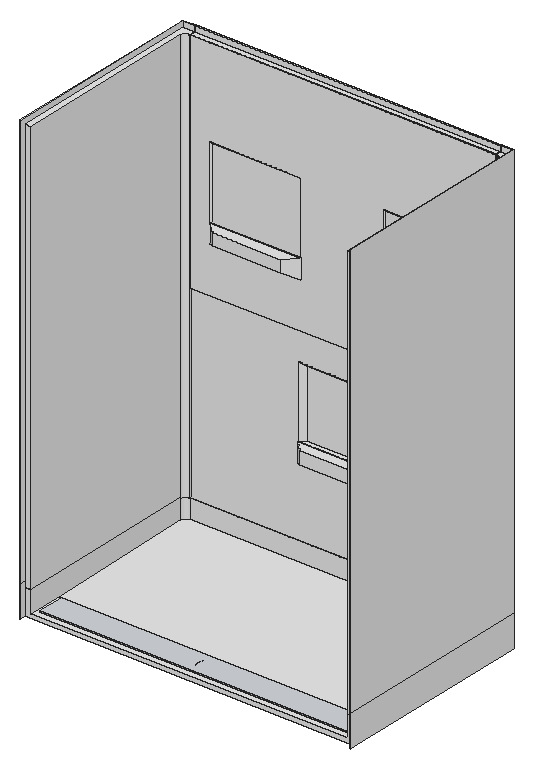
Revit family "5LES26036B75FTB.V3,B2FTB.V3", category Plumbing Fixtures, Revit 2019
Family settings
  Round Connector Dimension = Use Diameter
  Part Type = Normal
  OmniClass Number = 23.45.05.14.17
  OmniClass Title = Showers
  Work Plane-Based = No
  Always vertical = Yes
  Cut with Voids When Loaded = No
  Shared = No
  Room Calculation Point = No
Parameters (values of type "5LES26036B75FTB.V3")
  Unit Width = 60"
  Unit Height = 81"
  Pan Height = 5 3/4"
  Unit Depth = 37"
  URL = "http://www.bestbath.com"
  Type Comments = "Barrier Free"
  Threshold Height = 3/4"
  Model = "5LES26036B75FTB.V3"
  Material [instance] = Best Bath Gelcoat Fiberglass - RealTile
  Manufacturer = "Best Bath Systems, Inc."
  Keynote = "22 40 00.B3"
  Description = "8 in Tile, Beveled Threshold"
  Assembly Code = "D2010710"
Types (3): name | Unit Height | Pan Height | Threshold Height | Model
  (no name) | 81" | 5 3/4" | 3/4" | "5LES26036B75FTB.V3"
  5LES26036B75FTB.V3 | 81" | 5 3/4" | 3/4" | "5LES26036B75FTB.V3"
  5LES26036B2FTB.V3 | 82 1/4" | 7" | 2" | "5LES26036B2FTB.V3"
Reference planes (in)
  plane 1 "Back": y = 6.43613
  plane 2: z = 0
  plane 3 "Left": x = 0
  plane 4: x = 60
  plane 5: z = 4.75
  plane 6: z = 0.75
  plane 7: z = 5.75
  plane 8: x = 30
  plane 9: y = -30.56387
  plane 10: y = -23.31387
  plane 11: z = 1.5
  plane 12: y = -29.56387
  plane 13: y = -25.81387
  plane 14: z = 0.875
  plane 15: y = -25.81387
  plane 16: z = 81
  plane 17: z = 80
  plane 18: z = 50.75
  plane 19: y = -25.81387
Forms (in)
  Extrusion 1, solid, material "Best Bath Gelcoat Fiberglass - Smooth"
    sketch origin (0, 0, 0) x (1, 0, 0) y (0, 1, 0)
      loop
        line (0, 6.43613) -> (0, -30.56387) -> (0.125, -30.56387) -> (0.125, 6.31113) -> (59.875, 6.31113) -> (59.875, -30.56387) -> (60, -30.56387) -> (60, 6.43613) -> (0, 6.43613)
    from 0 to 5.75
  Extrusion 2, solid, material "Best Bath Gelcoat Fiberglass - Smooth"
    sketch origin (0, 0, 0) x (0, 1, 0) y (0, 0, 1)
      loop
        line (-23.31387, 0.75) -> (5.18613, 0.75) -> (5.18613, 1.25) -> (-23.31387, 0.75)
    from 0 to 60
  Extrusion 3, solid, material "Best Bath Gelcoat Fiberglass - Smooth"
    sketch origin (0, 0, 0) x (1, 0, 0) y (0, 1, 0)
      loop
        line (0, 6.43613) -> (0, -29.56387) -> (59.875, -29.56387) -> (59.875, 6.43613) -> (0, 6.43613)
      loop
        circle (30, -25.81387) r 1.5
    from 0 to 0.75
  Extrusion 4, solid, material "Best Bath Gelcoat Fiberglass - Smooth"
    sketch origin (0, 0, 0) x (1, 0, 0) y (0, 1, 0)
      loop
        line (0, 6.43613) -> (0, -29.56387) -> (1.25, -29.56387) -> (1.25, 4.18613)
        arc (1.25, 4.18613) -> (1.54289, 4.89323) -> (2.25, 5.18613) r 1
        line (2.25, 5.18613) -> (57.75, 5.18613)
        arc (57.75, 5.18613) -> (58.45711, 4.89323) -> (58.75, 4.18613) r 1
        line (58.75, 4.18613) -> (58.75, -29.56387) -> (60, -29.56387) -> (60, 6.43613) -> (0, 6.43613)
    from 0 to 4.75
  Extrusion 5, solid
    sketch origin (0, 0, 0) x (1, 0, 0) y (0, 1, 0)
      loop
        line (1.75, -23.31387) -> (1.75, -28.31387) -> (58.25, -28.31387) -> (58.25, -23.31387) -> (1.75, -23.31387)
    from 0.40753 to 0.875
  Extrusion 6, solid, material "Best Bath Gelcoat Fiberglass - Smooth"
    sketch origin (0, 0, 0) x (1, 0, 0) y (0, 1, 0)
      loop
        line (1.25, -29.56387) -> (1.25, 4.17034)
        arc (1.25, 4.17034) -> (1.54289, 4.87745) -> (2.25, 5.17034) r 1
        line (2.25, 5.17034) -> (2.25, 6.31113) -> (0.125, 6.31113) -> (0.125, -29.56387) -> (1.25, -29.56387)
      loop
        line (58.75, -29.56387) -> (59.875, -29.56387) -> (59.875, 6.31113) -> (57.75, 6.31113) -> (57.75, 5.17034)
        arc (57.75, 5.17034) -> (58.45711, 4.87745) -> (58.75, 4.17034) r 1
        line (58.75, 4.17034) -> (58.75, -29.56387)
    from 4.75 to 80
  Extrusion 7, solid, material "Best Bath Smoothwall"
    sketch origin (0, 0, 0) x (1, 0, 0) y (0, 1, 0)
      loop
        line (2.25, 5.18613) -> (57.70664, 5.18613) -> (57.70664, 6.31113) -> (2.25, 6.31113) -> (2.25, 5.18613)
    from 38.93997 to 80
  Extrusion 8, solid, material "Best Bath Gelcoat Fiberglass - Smooth"
    sketch origin (0, 0, 0) x (1, 0, 0) y (0, 1, 0)
      loop
        line (0, -30.56387) -> (0.125, -30.56387) -> (0.125, 6.31113) -> (2.25, 6.31113) -> (2.25, 6.43613) -> (0, 6.43613) -> (0, -30.56387)
      loop
        line (60, -30.56387) -> (60, 6.43613) -> (57.75, 6.43613) -> (57.75, 6.31113) -> (59.875, 6.31113) -> (59.875, -30.56387) -> (60, -30.56387)
    from 5.75 to 81
  Extrusion 9, solid, material "Best Bath Smoothwall"
    sketch origin (-0.02168, 0, 0) x (1, 0, 0) y (0, 1, 0)
      loop
        line (2.25, 6.43613) -> (2.25, 6.31113) -> (57.75, 6.31113) -> (57.75, 6.43613) -> (2.25, 6.43613)
    from 0 to 81
  Blend 10, solid, material "Best Bath Gelcoat Fiberglass - Smooth"
    base sketch origin (23.35671, -68.92552, -3.625) x (1, 0, 0) y (0, 0, 1)
      loop
        line (30.5625, 54.375) -> (14.0625, 54.375) -> (14.0625, 50.9375) -> (30.5625, 50.9375) -> (30.5625, 54.375)
    top sketch origin (23.35671, -68.92552, -3.625) x (1, 0, 0) y (0, 0, 1)
      loop
        line (16.0625, 54.375) -> (16.0625, 52.125) -> (28.5625, 52.125) -> (28.5625, 54.375) -> (16.0625, 54.375)
    from -74.11165 to -72.11165
  Blend 11, solid, material "Best Bath Gelcoat Fiberglass - Smooth"
    base sketch origin (-29.64329, -68.92552, -3.625) x (1, 0, 0) y (0, 0, 1)
      loop
        line (52.0625, 54.375) -> (35.5625, 54.375) -> (35.5625, 50.9375) -> (52.0625, 50.9375) -> (52.0625, 54.375)
    top sketch origin (-29.64329, -68.92552, -3.625) x (1, 0, 0) y (0, 0, 1)
      loop
        line (37.5625, 54.375) -> (37.5625, 52.125) -> (50.0625, 52.125) -> (50.0625, 54.375) -> (37.5625, 54.375)
    from -74.11165 to -72.11165
  Blend 12, void
    base sketch origin (23.35671, -68.42552, -3.625) x (1, 0, 0) y (0, 0, 1)
      loop
        line (14.0625, 54.375) -> (30.5625, 54.375) -> (30.5625, 67.5) -> (14.0625, 67.5) -> (14.0625, 54.375)
    top sketch origin (23.35671, -68.42552, -3.625) x (1, 0, 0) y (0, 0, 1)
      loop
        line (15.0625, 54.375) -> (29.5625, 54.375) -> (29.5625, 66.5) -> (15.0625, 66.5) -> (15.0625, 54.375)
    from -73.61165 to -74.61165
  Blend 13, void
    base sketch origin (-29.64329, -68.42552, -3.625) x (1, 0, 0) y (0, 0, 1)
      loop
        line (35.5625, 54.375) -> (52.0625, 54.375) -> (52.0625, 67.5) -> (35.5625, 67.5) -> (35.5625, 54.375)
    top sketch origin (-29.64329, -68.42552, -3.625) x (1, 0, 0) y (0, 0, 1)
      loop
        line (36.5625, 54.375) -> (51.0625, 54.375) -> (51.0625, 66.5) -> (36.5625, 66.5) -> (36.5625, 54.375)
    from -73.61165 to -74.61165
  Extrusion 14, solid, material "Best Bath Smoothwall"
    sketch origin (0, 0.125, 0) x (1, 0, 0) y (0, 1, 0)
      loop
        line (2.25, 5.18613) -> (57.70664, 5.18613) -> (57.70664, 6.31113) -> (2.25, 6.31113) -> (2.25, 5.18613)
    from 4.75 to 80
  Blend 15, solid, material "Best Bath Gelcoat Fiberglass - Smooth"
    base sketch origin (-13.80166, -68.92552, -33.625) x (1, 0, 0) y (0, 0, 1)
      loop
        line (52.0625, 54.375) -> (35.54082, 54.375) -> (35.54082, 50.9375) -> (52.0625, 50.9375) -> (52.0625, 54.375)
    top sketch origin (-13.80166, -68.92552, -33.625) x (1, 0, 0) y (0, 0, 1)
      loop
        line (37.54082, 54.375) -> (37.54082, 52.125) -> (50.0625, 52.125) -> (50.0625, 54.375) -> (37.54082, 54.375)
    from -74.11165 to -72.11165
  Blend 16, void
    base sketch origin (-13.80166, -68.42552, -33.625) x (1, 0, 0) y (0, 0, 1)
      loop
        line (35.54082, 54.375) -> (52.0625, 54.375) -> (52.0625, 67.5) -> (35.54082, 67.5) -> (35.54082, 54.375)
    top sketch origin (-13.80166, -68.42552, -33.625) x (1, 0, 0) y (0, 0, 1)
      loop
        line (36.54082, 54.375) -> (51.0625, 54.375) -> (51.0625, 66.5) -> (36.54082, 66.5) -> (36.54082, 54.375)
    from -73.61165 to -74.61165
Cuts and joins
  joined: Extrusion 1, Extrusion 2, Extrusion 3, Extrusion 4
  joined: Extrusion 6, Extrusion 8
  Blend 12, Blend 13, Blend 16 cuts Extrusion 7
  Blend 12, Blend 13, Blend 16 cuts Extrusion 9
  joined: Extrusion 7, Extrusion 9
  Blend 16 cuts Extrusion 14
Dimensions and locks (in)
  plane 3 "Left" to plane 4 = 60"
  "Threshold Height": plane 6 to level
  locked: plane 7 to plane 5 at 1
  "Pan Height": plane 7 to level
  equal spacing: plane 3 "Left", plane 8, plane 4
  "Unit Depth": plane 9 to plane 1 "Back"
  locked: plane 11 to plane 6 at 0.75
  locked: plane 10 to plane 9 at 7.25
  locked: plane 12 to plane 9 at 1
  plane 13 to plane 9 = 4 3/4"
  locked: plane 14 to plane 6 at 0.125
  locked: plane 10 to plane 15 at 2.5
  "Unit Height": plane 16 to level
  locked: plane 16 to plane 17 at 1
  plane 18 to plane 6 = 50"
  plane 4 to plane 3 "Left" = 60"
  plane 19 to plane 1 "Back" = 32 1/4"
  aligned and locked: level to plane 2
  aligned and locked: Extrusion 2 sketch curve to plane 6
  aligned and locked: plane 6 to Extrusion 3
  aligned and locked: plane 5 to Extrusion 4
  aligned and locked: plane 12 to Extrusion 3 sketch curve
  aligned and locked: plane 12 to Extrusion 4 sketch curve  (x2)
  aligned and locked: plane 7 to Extrusion 1
  aligned and locked: Extrusion 5 sketch curve to plane 10
  aligned and locked: plane 14 to Extrusion 5
  aligned and locked: Extrusion 6 to cut or joined group of Extrusion 1, Extrusion 2, Extrusion 3, Extrusion 4
  aligned and locked: plane 17 to Extrusion 6
  aligned and locked: plane 17 to Extrusion 7
  aligned and locked: plane 16 to Extrusion 8
  aligned and locked: plane 16 to Extrusion 9
  aligned and locked: Extrusion 8 to plane 7
Automatic sketch dimensions
  Extrusion 1 sketch curve to plane 3 "Left" = 0"
  Extrusion 1 sketch curve to plane 9 = 0"  (x2)
  Extrusion 1 sketch curve to plane 4 = 0"
  plane 1 "Back" to Extrusion 1 sketch curve = 0"
  plane 3 "Left" to Extrusion 1 sketch curve = 1/8"
  plane 4 to Extrusion 1 sketch curve = 1/8"
  plane 1 "Back" to Extrusion 1 sketch curve = 1/8"
  Extrusion 2 sketch curve to plane 10 = 0"
  Extrusion 2 sketch curve to plane 11 = 1/4"
  plane 1 "Back" to Extrusion 2 sketch curve = 1 1/4"
  Extrusion 3 sketch curve to plane 3 "Left" = 0"
  Extrusion 3 sketch curve to plane 8 = 0"
  plane 1 "Back" to Extrusion 3 sketch curve = 0"
  Extrusion 3 sketch curve to plane 13 = 0"
  plane 4 to Extrusion 3 sketch curve = 1/8"
  plane 1 "Back" to Extrusion 4 sketch curve = 0"
  Extrusion 4 sketch curve to plane 3 "Left" = 0"
  Extrusion 4 sketch curve to plane 4 = 0"
  plane 3 "Left" to Extrusion 4 sketch curve = 1 1/4"
  Extrusion 4 sketch curve to Extrusion 4 sketch curve = 1"
  plane 1 "Back" to Extrusion 4 sketch curve = 1 1/4"
  plane 4 to Extrusion 4 sketch curve = 2 1/4"
  Extrusion 4 sketch curve to Extrusion 4 sketch curve = 1 1/4"
  plane 3 "Left" to Extrusion 5 sketch curve = 1 3/4"
  plane 4 to Extrusion 5 sketch curve = 1 3/4"
  plane 12 to Extrusion 5 sketch curve = 1 1/4"
  Extrusion 6 sketch curve to plane 12 = 0"  (x2)
  plane 3 "Left" to Extrusion 6 sketch curve = 1/8"
  Extrusion 6 sketch curve to Extrusion 6 sketch curve = 1 1/8"
  Extrusion 6 sketch curve to Extrusion 6 sketch curve = 1"  (x2)
  plane 4 to Extrusion 6 sketch curve = 2 1/4"
  plane 4 to Extrusion 6 sketch curve = 1/8"
  plane 1 "Back" to Extrusion 6 sketch curve = 2.26579"  (x2)
  plane 1 "Back" to Extrusion 6 sketch curve = 1/8"  (x2)
  plane 1 "Back" to Extrusion 7 sketch curve = 1/8"
  plane 3 "Left" to Extrusion 7 sketch curve = 2 1/4"
  plane 4 to Extrusion 7 sketch curve = 2.29336"
  Extrusion 7 sketch curve to Extrusion 7 sketch curve = 1 1/8"
  plane 1 "Back" to Extrusion 8 sketch curve = 0"  (x2)
  Extrusion 8 sketch curve to plane 3 "Left" = 0"
  Extrusion 8 sketch curve to plane 9 = 0"  (x2)
  Extrusion 8 sketch curve to plane 4 = 0"
  plane 3 "Left" to Extrusion 8 sketch curve = 1/8"
  Extrusion 8 sketch curve to Extrusion 8 sketch curve = 2 1/8"
  plane 1 "Back" to Extrusion 8 sketch curve = 1/8"  (x2)
  plane 4 to Extrusion 8 sketch curve = 2 1/4"
  plane 4 to Extrusion 8 sketch curve = 1/8"
  plane 1 "Back" to Extrusion 9 sketch curve = 0"
  plane 1 "Back" to Extrusion 9 sketch curve = 1/8"
  plane 3 "Left" to Extrusion 9 sketch curve = 2.22832"
  plane 4 to Extrusion 9 sketch curve = 2.27168"
  Blend 10 sketch curve to plane 18 = 0"  (x2)
  Blend 10 sketch curve to plane 8 = 7.41921"
  plane 4 to Blend 10 sketch curve = 6.08079"
  Blend 10 sketch curve to Blend 10 sketch curve = 3 7/16"
  Blend 10 sketch curve to plane 18 = 2 1/4"
  Blend 10 sketch curve to plane 8 = 9.41921"
  plane 4 to Blend 10 sketch curve = 8.08079"
  Blend 11 sketch curve to plane 18 = 0"  (x2)
  plane 3 "Left" to Blend 11 sketch curve = 5.91921"
  plane 8 to Blend 11 sketch curve = 7.58079"
  Blend 11 sketch curve to Blend 11 sketch curve = 3 7/16"
  Blend 11 sketch curve to plane 18 = 2 1/4"
  plane 3 "Left" to Blend 11 sketch curve = 7.91921"
  plane 8 to Blend 11 sketch curve = 9.58079"
  Blend 12 sketch curve to plane 18 = 0"  (x2)
  Blend 12 sketch curve to plane 8 = 7.41921"
  plane 4 to Blend 12 sketch curve = 6.08079"
  plane 18 to Blend 12 sketch curve = 13 1/8"
  Blend 12 sketch curve to plane 8 = 8.41921"
  plane 4 to Blend 12 sketch curve = 7.08079"
  plane 18 to Blend 12 sketch curve = 12 1/8"
  Blend 13 sketch curve to plane 18 = 0"  (x2)
  plane 3 "Left" to Blend 13 sketch curve = 5.91921"
  plane 8 to Blend 13 sketch curve = 7.58079"
  plane 18 to Blend 13 sketch curve = 13 1/8"
  plane 3 "Left" to Blend 13 sketch curve = 6.91921"
  plane 8 to Blend 13 sketch curve = 8.58079"
  plane 18 to Blend 13 sketch curve = 12 1/8"
  plane 1 "Back" to Extrusion 14 sketch curve = 0"
  plane 3 "Left" to Extrusion 14 sketch curve = 2 1/4"
  plane 4 to Extrusion 14 sketch curve = 2.29336"
  plane 1 "Back" to Extrusion 14 sketch curve = 1 1/8"
  Blend 15 sketch curve to plane 18 = 30"  (x2)
  plane 8 to Blend 15 sketch curve = 8.26084"
  Blend 15 sketch curve to plane 18 = 33 7/16"
  Blend 15 sketch curve to plane 8 = 8.26084"
  Blend 15 sketch curve to plane 18 = 32 1/4"
  plane 8 to Blend 15 sketch curve = 6.26084"
  Blend 15 sketch curve to plane 8 = 6.26084"
  Blend 16 sketch curve to plane 18 = 30"  (x2)
  plane 8 to Blend 16 sketch curve = 8.26084"
  Blend 16 sketch curve to plane 8 = 8.26084"
  Blend 16 sketch curve to plane 18 = 16 7/8"
  plane 8 to Blend 16 sketch curve = 7.26084"
  Blend 16 sketch curve to plane 8 = 7.26084"
  Blend 16 sketch curve to plane 18 = 17 7/8"
  radius of Extrusion 3 sketch curve = 1 1/2"
